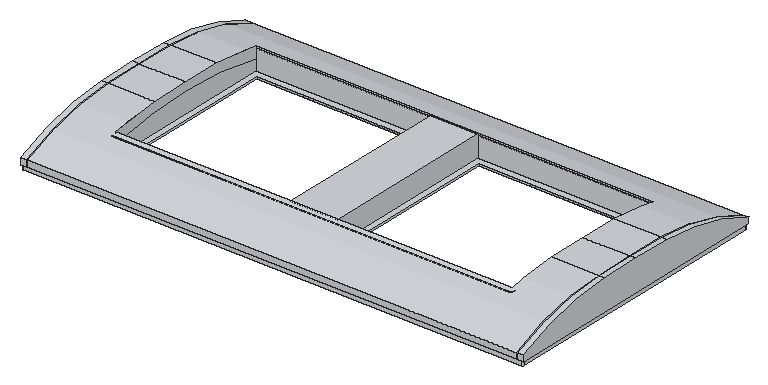
Revit family "Gira_0212778", category Electrical Fixtures, host Face, Revit 2017
Family settings
  Host = Face
  Maintain Annotation Orientation = No
  Round Connector Dimension = Use Diameter
  Part Type = Normal
  Cut with Voids When Loaded = No
  Shared = No
  Room Calculation Point = No
Parameters (values of type "Abdeckrahmen 2f Zwischenr. AN Gira Event Klar Sand")
  Werkstoffgüte = "Thermoplast"
  Werkstoff = "Kunststoff"
  URL = "http://katalog.gira.de/de_DE/datenblatt.html?artikelnr=0212778"
  Transparent = "No"
  Textfeld/Beschriftungsfläche = "No"
  Schutzart (IP) = "IP20"
  Region = "DE"
  Oberfläche = "sonstige"
  Name = "Abdeckrahmen 2f Zwischenr. AN Gira Event Klar Sand"
  Montagerichtung = "horizontal und vertikal"
  Mit Montagerahmen = "No"
  Mit Klappdeckel = "No"
  Manufacturer URL = "https://www.gira.de/"
  Keynote = "Event_Rahmen_2fach"
  HeinzeBIM = "https://bimportal.heinze.de/bim/abdeckrahmen-2f-zwischenr-an-gira-event-klar-sand/e0876991247574557cb00e825ba6d202478cf112"
  Halogenfrei = "Yes"
  HAN = "0212778"
  Geeignet für Unterputz-Installation = "Yes"
  Geeignet für Unterflurkanaldose = "No"
  Geeignet für Geräteeinbaukanal = "No"
  Geeignet für Einbauinstallation = "No"
  GTIN = "4010337069652"
  Farbe = "sonstige"
  Default Elevation = 1219.2 mm
  Data sheet (1) = "https://katalog.gira.de/de_DE/download.html?artikelnr=0212778"
  Category = "Abdeckrahmen"
  Befestigungsart = "Klemmbefestigung"
  Available = "Yes"
  Ausführung der Oberfläche = "glänzend"
  Anzahl der Einheiten vertikal = "2 "
  Anzahl der Einheiten horizontal = "2 "
  Anzahl der Einheiten = "2 "
Reference planes
  plane 1 "Center (Front/Back)": y = 0
  plane 2: z = 0
  plane 3 "Center (Left/Right)": x = 0
Forms (mm)
  Extrusion 1, solid, detail levels fine
    sketch origin (0, 0, 0.05) x (0, 1, 0) y (0, 0, 1)
      loop
        arc (12.445, 9.683) -> (6.223, 9.833) -> (0, 9.85) r 291.636
        arc (0, 9.85) -> (-6.223, 9.833) -> (-12.445, 9.683) r 291.636
        arc (-12.445, 9.683) -> (-29.14, 7.482) -> (-45, 1.823) r 79.728
        line (-45, 1.823) -> (-45, -0.05) -> (-42.086, -0.05)
        arc (-42.086, -0.05) -> (-21.385, 5.559) -> (0, 7.206) r 114.424
        arc (0, 7.206) -> (21.385, 5.559) -> (42.086, -0.05) r 114.424
        line (42.086, -0.05) -> (45, -0.05) -> (45, 1.823)
        arc (45, 1.823) -> (29.14, 7.482) -> (12.445, 9.683) r 79.728
    from -78.55 to 78.55
  Extrusion 2, void, detail levels fine
    sketch origin (0, 0, 0) x (1, 0, 0) y (0, 1, 0)
      loop
        line (-63.55, -27.937) -> (63.55, -27.937) -> (63.55, 28.063) -> (-63.55, 28.063) -> (-63.55, -27.937)
    from 0.724 to 11
  Extrusion 3, solid, detail levels coarse
    sketch origin (0, 0, 0) x (1, 0, 0) y (0, 1, 0)
      loop
        line (-80.55, 45) -> (-80.55, -45) -> (80.55, -45) -> (80.55, 45) -> (-80.55, 45)
    from -1.5 to 9.9
  Extrusion 4, solid, detail levels medium
    sketch origin (0, 0, 0.05) x (0, 1, 0) y (0, 0, 1)
      loop
        arc (12.445, 9.683) -> (6.223, 9.833) -> (0, 9.85) r 291.636
        arc (0, 9.85) -> (-6.223, 9.833) -> (-12.445, 9.683) r 291.636
        arc (-12.445, 9.683) -> (-29.14, 7.482) -> (-45, 1.823) r 79.728
        line (-45, 1.823) -> (-45, -0.05) -> (45, -0.05) -> (45, 1.823)
        arc (45, 1.823) -> (29.14, 7.482) -> (12.445, 9.683) r 79.728
    from -80.55 to 80.55
  Extrusion 5, solid, detail levels fine
    sketch origin (-35.55, 0, -1.5) x (0, 1, 0) y (0, 0, -1)
      loop
        line (45, -3.373) -> (45, -1.5) -> (-45, -1.5) -> (-45, -3.373)
        arc (-45, -3.373) -> (-29.14, -9.032) -> (-12.445, -11.233) r 79.728
        arc (-12.445, -11.233) -> (-6.223, -11.383) -> (0, -11.4) r 291.636
        arc (0, -11.4) -> (6.223, -11.383) -> (12.445, -11.233) r 291.636
        arc (12.445, -11.233) -> (29.14, -9.032) -> (45, -3.373) r 79.728
    from 43 to 45
  Extrusion 6, solid, detail levels fine
    sketch origin (0, 0, 0) x (1, 0, 0) y (0, 1, 0)
      loop
        line (-61.45, 25.7) -> (-61.45, -25.7) -> (-9.65, -25.7) -> (-9.65, 25.7) -> (-61.45, 25.7)
      loop
        line (61.45, -25.7) -> (61.45, 25.7) -> (9.65, 25.7) -> (9.65, -25.7) -> (61.45, -25.7)
      loop
        line (-64.445, 28.49) -> (-64.445, -28.495)
        spline (-64.445, -28.495) -> (-64.436, -28.625) -> (-64.411, -28.754) -> (-64.369, -28.878) -> (-64.311, -28.995) -> (-64.238, -29.104) -> (-64.152, -29.202) -> (-64.054, -29.288) -> (-63.945, -29.361) -> (-63.828, -29.419) -> (-63.704, -29.461) -> (-63.575, -29.486) -> (-63.445, -29.495)
        line (-63.445, -29.495) -> (63.445, -29.495)
        spline (63.445, -29.495) -> (63.575, -29.486) -> (63.704, -29.461) -> (63.828, -29.419) -> (63.945, -29.361) -> (64.054, -29.288) -> (64.152, -29.202) -> (64.238, -29.104) -> (64.311, -28.995) -> (64.369, -28.878) -> (64.411, -28.754) -> (64.436, -28.625) -> (64.445, -28.495)
        line (64.445, -28.495) -> (64.445, 28.49)
        spline (64.445, 28.49) -> (64.436, 28.62) -> (64.411, 28.748) -> (64.369, 28.872) -> (64.311, 28.99) -> (64.238, 29.098) -> (64.152, 29.197) -> (64.054, 29.283) -> (63.945, 29.356) -> (63.828, 29.413) -> (63.704, 29.456) -> (63.575, 29.481) -> (63.445, 29.49)
        line (63.445, 29.49) -> (-63.445, 29.49)
        spline (-63.445, 29.49) -> (-63.575, 29.481) -> (-63.704, 29.456) -> (-63.828, 29.413) -> (-63.945, 29.356) -> (-64.054, 29.283) -> (-64.152, 29.197) -> (-64.238, 29.098) -> (-64.311, 28.99) -> (-64.369, 28.872) -> (-64.411, 28.748) -> (-64.436, 28.62) -> (-64.445, 28.49)
    from 0.1 to 7.3
  Extrusion 7, solid
    sketch origin (0, 0, 0) x (1, 0, 0) y (0, 1, 0)
      loop
        arc (-80.25, -44.2) -> (-80.104, -44.554) -> (-79.75, -44.7) r 0.5
        line (-79.75, -44.7) -> (79.75, -44.7)
        arc (79.75, -44.7) -> (80.104, -44.554) -> (80.25, -44.2) r 0.5
        line (80.25, -44.2) -> (80.25, 44.2)
        arc (80.25, 44.2) -> (80.104, 44.554) -> (79.75, 44.7) r 0.5
        line (79.75, 44.7) -> (-79.75, 44.7)
        arc (-79.75, 44.7) -> (-80.104, 44.554) -> (-80.25, 44.2) r 0.5
        line (-80.25, 44.2) -> (-80.25, -44.2)
      loop
        line (-78.55, 43) -> (-78.55, -43) -> (78.55, -43) -> (78.55, 43) -> (-78.55, 43)
    from -1.5 to 0.5
  Extrusion 8, solid, detail levels fine
    sketch origin (35.55, 0, -1.5) x (0, 1, 0) y (0, 0, 1)
      loop
        arc (45, 3.373) -> (29.14, 9.032) -> (12.445, 11.233) r 79.728
        arc (12.445, 11.233) -> (6.223, 11.383) -> (0, 11.4) r 291.636
        arc (0, 11.4) -> (-6.223, 11.383) -> (-12.445, 11.233) r 291.636
        arc (-12.445, 11.233) -> (-29.14, 9.032) -> (-45, 3.373) r 79.728
        line (-45, 3.373) -> (-45, 1.5) -> (45, 1.5) -> (45, 3.373)
    from 43 to 45
  Extrusion 9, solid, detail levels medium
    sketch origin (0, 0, 0) x (1, 0, 0) y (0, 1, 0)
      loop
        line (-80.25, -44.7) -> (80.25, -44.7) -> (80.25, 44.7) -> (-80.25, 44.7) -> (-80.25, -44.7)
    from -1.5 to 0.5
  Extrusion 10, solid, detail levels fine
    sketch origin (0, 0, 0) x (1, 0, 0) y (0, 1, 0)
      loop
        line (-7.55, 28.063) -> (-7.55, -27.937) -> (7.55, -27.937) -> (7.55, 28.063) -> (-7.55, 28.063)
    from 0.724 to 7.566
Cuts and joins
  Extrusion 2 cuts Extrusion 1
  Extrusion 2 cuts Extrusion 6
Dimensions and locks
  aligned and locked: plane 2 to host face
  aligned and locked: level to host face
